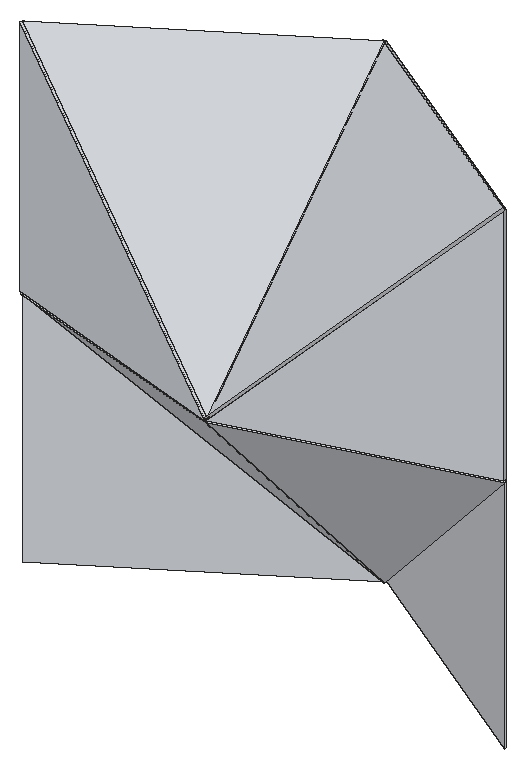
Revit family
Parameters
  metà larghezza pannello = 1500 mm
  metà altezza pannello = 1500 mm
Reference planes
  plane 1 "Centro (Fronte/Retro)": y = 0
  plane 2: z = 0
  plane 3 "Centro (Sinistra/Destra)": x = 0
  plane 4 "Sinistra": x = -1500
  plane 5 "Destra": x = 1500
  plane 6 "SUP": z = 3000
  plane 7: z = 1500
Forms (mm)
  Blend 1, void
    base sketch origin (0, 0, 0) x (1, 0, 0) y (0, 1, 0)
      loop
        line (-1500, 0) -> (-1500, -893.416) -> (1500, -893.416) -> (1500, 0) -> (0, 944.067) -> (-1500, 0)
    top sketch origin (0, 0, 0) x (1, 0, 0) y (0, 1, 0)
      loop
        line (-1500, 0) -> (-1500, -893.416) -> (1500, -893.416) -> (1500, 0) -> (0, -440) -> (-1500, 0)
    from 0 to 1500
  Blend 2, void
    base sketch origin (0, 0, 0) x (1, 0, 0) y (0, 1, 0)
      loop
        line (-1500, 0) -> (-1500, -893.416) -> (1500, -893.416) -> (1500, 0) -> (0, -440) -> (-1500, 0)
    top sketch origin (0, 0, 0) x (1, 0, 0) y (0, 1, 0)
      loop
        line (0, 944.067) -> (-1500, 0) -> (-1500, -893.416) -> (1500, -893.416) -> (1500, 0) -> (0, 944.067)
    from 1500 to 3000
  Extrusion 3, solid
    sketch origin (750, 472.034, 0) x (0, 0, 1) y (-0.846329, 0.532661, 0)
      loop
        line (1500, -886.18) -> (0, 886.18) -> (0, -886.18) -> (1500, -886.18)
    from 0 to 2
  Extrusion 4, solid
    sketch origin (0, 944.067, 0) x (0.18659, -0.636104, 0.748703) y (-0.959569, -0.281474, 0)
      loop
        line (2003.465, -1173.624) -> (2003.465, 389.578) -> (0, 0) -> (2003.465, -1173.624)
    from 0 to 20
  Extrusion 5, solid
    sketch origin (0, 944.067, 0) x (-0.18659, -0.636104, 0.748703) y (-0.959569, 0.281474, 0)
      loop
        line (2003.465, -389.578) -> (2003.465, 1173.624) -> (0, 0) -> (2003.465, -389.578)
    from 0 to 20
  Extrusion 6, solid
    sketch origin (-750, 472.034, 0) x (0, 0, 1) y (-0.846329, -0.532661, 0)
      loop
        line (-1.233, -885.835) -> (1498.767, 886.526) -> (-1.233, 886.526) -> (-1.233, -885.835)
    from 0 to 20
  Extrusion 7, solid
    sketch origin (750, -220, 1500) x (0, 0, 1) y (-0.959569, -0.281474, 0)
      loop
        line (0, 781.601) -> (0, -781.601) -> (1500, -781.601) -> (0, 781.601)
    from 0 to 20
  Extrusion 8, solid
    sketch origin (0, -440, 1500) x (0.327843, 0.520899, 0.788152) y (-0.846329, 0.532661, 0)
      loop
        line (1903.187, 737.238) -> (0, 0) -> (1903.187, -1035.122) -> (1903.187, 737.238)
    from 0 to 20
  Extrusion 9, solid
    sketch origin (0, -440, 1500) x (-0.327843, 0.520899, 0.788152) y (-0.846329, -0.532661, 0)
      loop
        line (0, 0) -> (1903.187, -737.238) -> (1903.187, 1035.122) -> (0, 0)
    from 0 to 20
  Extrusion 10, solid
    sketch origin (-750, -220, 1500) x (0, 0, 1) y (-0.959569, 0.281474, 0)
      loop
        line (1500, 781.601) -> (0, 781.601) -> (0, -781.601) -> (1500, 781.601)
    from 0 to 20
Text (mm)
  text "Esterno" at (-2351.972, 1416.179, 0), in view "Livello rif."
  text "Esterno" at (0, 2290.741, 4406.713), in view "Sinistra"
  text "Esterno" at (0, 1328.187, 4120.349), in view "Destra"
Dimensions and locks
  equal spacing: plane 4 "Sinistra", plane 3 "Centro (Sinistra/Destra)", plane 5 "Destra", locked at 1500 each
  "metà larghezza pannello": plane 4 "Sinistra" to plane 3 "Centro (Sinistra/Destra)"
  equal spacing: level, plane 7, plane 6 "SUP", locked at 1500 each
  "metà altezza pannello": plane 7 to plane 6 "SUP"
  Blend 2 sketch curve to Blend 2 sketch curve = 893.416 mm
  aligned and locked: plane 4 "Sinistra" to Blend 1 sketch curve
  aligned and locked: Blend 1 sketch curve to plane 5 "Destra"  (x2)
  aligned and locked: Blend 1 sketch curve to var sketch  (x2)
  aligned and locked: plane 7 to Blend 1
  aligned and locked: Blend 2 sketch curve to Blend 1  (x3)
  aligned and locked: Blend 2 sketch curve to var sketch
  aligned and locked: Blend 2 to plane 7
  aligned and locked: Blend 2 to plane 6 "SUP"
  aligned and locked: Extrusion 3 sketch curve to Blend 1  (x2)
  aligned and locked: Blend 1 to Extrusion 3 sketch curve
  aligned and locked: Extrusion 4 sketch curve to Blend 1  (x3)
  aligned and locked: Extrusion 5 sketch curve to Blend 1  (x2)
  aligned and locked: Extrusion 7 sketch curve to Blend 2  (x2)
  aligned and locked: Extrusion 8 sketch curve to Blend 2  (x2)
  aligned and locked: Extrusion 9 sketch curve to Blend 2  (x2)
  aligned and locked: Extrusion 10 sketch curve to Blend 2
  aligned and locked: Blend 1 to Extrusion 10 sketch curve
  aligned and locked: Extrusion 5 to Extrusion 10 sketch curve
Automatic sketch dimensions
  Blend 1 sketch curve to plane 1 "Centro (Fronte/Retro)" = 0 mm  (x4)
  Blend 1 sketch curve to plane 3 "Centro (Sinistra/Destra)" = 0 mm  (x2)
  plane 1 "Centro (Fronte/Retro)" to Blend 1 sketch curve = 893.416 mm
  Blend 1 sketch curve to plane 1 "Centro (Fronte/Retro)" = 944.067 mm
  plane 1 "Centro (Fronte/Retro)" to Blend 1 sketch curve = 440 mm
  Blend 2 sketch curve to plane 3 "Centro (Sinistra/Destra)" = 0 mm  (x2)
  Blend 2 sketch curve to plane 5 "Destra" = 0 mm  (x2)
  Blend 2 sketch curve to plane 1 "Centro (Fronte/Retro)" = 0 mm  (x2)
  plane 1 "Centro (Fronte/Retro)" to Blend 2 sketch curve = 440 mm
  Blend 2 sketch curve to Blend 2 sketch curve = 893.416 mm
  Extrusion 5 sketch curve to Blend 1 = 0 mm  (x2)
  Extrusion 6 sketch curve to Blend 1 = 1.233 mm
  Blend 1 to Extrusion 6 sketch curve = 0.346 mm
  Blend 1 to Extrusion 6 sketch curve = 1498.767 mm
  Extrusion 6 sketch curve to Blend 1 = 1772.015 mm
  Extrusion 7 sketch curve to Blend 2 = 0 mm
  Extrusion 8 sketch curve to Blend 2 = 0 mm  (x3)
  Extrusion 9 sketch curve to Blend 2 = 0 mm  (x2)
